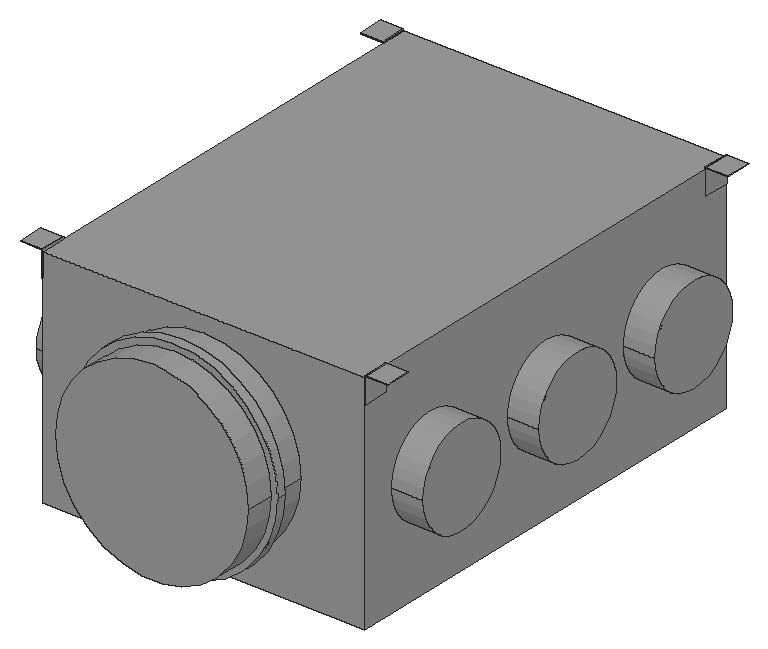
Revit family "SA_FASU(F8-150 300Φ)", category ダクト付属品, Revit 2022
Family settings
  丸型コネクタ寸法 = 直径を使用
  パーツ タイプ = ダンパー
  OmniClass 番号 = 23.75.00.00
  OmniClass タイトル = Climate Control (HVAC)
  作業面ベース = いいえ
  常に垂直 = はい
  ロード時にボイドで切り取り = いいえ
  共有 = いいえ
Parameters
  高さ = 350 mm
  風量 = 0.0 L/s
  符号 = "FASU"
  形式 = "F8-150 300φ"
  幅 [instance] = 500 mm
  奥行き = 700 mm
  大きさ = 250 mm
  呼称 = "FASUチャンバー"
  付属品_下端レベル [instance] = 0 mm
  マテリアル [instance] = 既定値
  ダクト_イン = 300 mm
  ダクト_アウト = 150 mm
  既定の高さ = 0 mm
Reference planes
  plane 1 "中心(正面/背面)": y = 0
  plane 2: z = 0
  plane 3 "中心(左/右)": x = 0
  plane 4: x = -250
  plane 5: x = 250
  plane 6: y = -700
  plane 7: z = 350
  plane 8: z = 175
  plane 9: z = 266.963
  plane 10: z = 86.159
  plane 11: x = -251
  plane 12: z = 313.122
  plane 13: z = 352.122
  plane 14: y = -350
Forms (mm)
  Extrusion 1, solid, material "既定値" <- "マテリアル"
    sketch origin (0, 0, 0) x (1, 0, 0) y (0, 1, 0)
      loop
        line (-250, 0) -> (-250, -700) -> (250, -700) -> (250, 0) -> (-250, 0)
    from 0 to 350
  Extrusion 2, solid, material "既定値" <- "マテリアル"
    sketch origin (0, -30, 0) x (1, 0, 0) y (0, 1, 0)
      loop
        line (-250, 30) -> (-251, 30) -> (-251, -10) -> (-250, -10) -> (-250, 30)
    from 313.122 to 350
  Extrusion 3, solid, material "既定値" <- "マテリアル"
    sketch origin (0, -30, 0) x (1, 0, 0) y (0, 1, 0)
      loop
        line (-285, 30) -> (-285, -10) -> (-251, -10) -> (-251, 30) -> (-285, 30)
    from 352.122 to 350
  Extrusion 4, solid, material "既定値" <- "マテリアル"
    sketch origin (0, -30, 0) x (-1, 0, 0) y (0, -1, 0)
      loop
        line (-250, -30) -> (-250, 10) -> (-251, 10) -> (-251, -30) -> (-250, -30)
    from 313.122 to 353.122
  Extrusion 5, solid, material "既定値" <- "マテリアル"
    sketch origin (0, -30, 0) x (-1, 0, 0) y (0, -1, 0)
      loop
        line (-285, -30) -> (-251, -30) -> (-251, 10) -> (-285, 10) -> (-285, -30)
    from 352.122 to 353.122
  Extrusion 6, solid, material "既定値" <- "マテリアル"
    sketch origin (0, -490, 0) x (1, 0, 0) y (0, 1, 0)
      loop
        line (-285, -170) -> (-285, -210) -> (-251, -210) -> (-251, -170) -> (-285, -170)
    from 352.122 to 353.122
  Extrusion 7, solid, material "既定値" <- "マテリアル"
    sketch origin (0, -490, 0) x (1, 0, 0) y (0, 1, 0)
      loop
        line (-250, -170) -> (-251, -170) -> (-251, -210) -> (-250, -210) -> (-250, -170)
    from 313.122 to 353.122
  Extrusion 8, solid, material "既定値" <- "マテリアル"
    sketch origin (0, -490, 0) x (-1, 0, 0) y (0, -1, 0)
      loop
        line (-285, 170) -> (-251, 170) -> (-251, 210) -> (-285, 210) -> (-285, 170)
    from 352.122 to 353.122
  Extrusion 9, solid, material "既定値" <- "マテリアル"
    sketch origin (0, -490, 0) x (-1, 0, 0) y (0, -1, 0)
      loop
        line (-250, 170) -> (-250, 210) -> (-251, 210) -> (-251, 170) -> (-250, 170)
    from 313.122 to 353.122
  Extrusion 10, solid, material "既定値" <- "マテリアル"
    sketch origin (550, -582.5, 0) x (0, -1, 0) y (0, 0, -1)
      loop
        circle (-232.5, -175) r 74.985
    from -300 to -250
  Extrusion 11, solid, material "既定値" <- "マテリアル"
    sketch origin (-550, -582.5, 0) x (0, -1, 0) y (0, 0, 1)
      loop
        circle (-232.5, 175) r 74.985
    from -300 to -250
  Extrusion 12, solid, material "既定値" <- "マテリアル"
    sketch origin (0, -700, 0) x (1, 0, 0) y (0, 0, 1)
      loop
        circle (0, 175) r 150
    from 0 to 42.5
  Extrusion 13, solid, material "既定値" <- "マテリアル"
    sketch origin (0, -743, 0) x (1, 0, 0) y (0, 0, 1)
      loop
        circle (0, 175) r 160
    from -0.5 to 14.5
  Extrusion 14, solid, material "既定値" <- "マテリアル"
    sketch origin (0, -757.5, 0) x (1, 0, 0) y (0, 0, 1)
      loop
        circle (0, 175) r 150
    from 0 to 42.5
  Extrusion 15, solid, material "既定値" <- "マテリアル"
    sketch origin (550, -357.5, 0) x (0, -1, 0) y (0, 0, -1)
      loop
        circle (-232.5, -175) r 74.985
    from -300 to -250
  Extrusion 16, solid, material "既定値" <- "マテリアル"
    sketch origin (-550, -357.5, 0) x (0, -1, 0) y (0, 0, 1)
      loop
        circle (-232.5, 175) r 74.985
    from -300 to -250
  Extrusion 17, solid, material "既定値" <- "マテリアル"
    sketch origin (550, -142.5, 0) x (0, 1, 0) y (0, 0, 1)
      loop
        circle (-432.5, 175) r 74.985
    from -300 to -250
  Extrusion 18, solid, material "既定値" <- "マテリアル"
    sketch origin (0, -142.5, 0) x (0, 1, 0) y (0, 0, 1)
      loop
        circle (-432.5, 175) r 74.985
    from -300 to -250
  Extrusion 19, solid, material "既定値" <- "マテリアル"
    sketch origin (345.5, 300, 0) x (1, 0, 0) y (0, 0, -1)
      loop
        circle (-232.5, -175) r 74.985
    from -300 to -250
  Extrusion 20, solid, material "既定値" <- "マテリアル"
    sketch origin (-345.5, 300, 0) x (-1, 0, 0) y (0, 0, 1)
      loop
        circle (-232.5, 175) r 74.985
    from -300 to -250
Lines and regions (mm)
  model lines
    curve 1: line (-250, -30, 0) -> (250, -30, 0)
    curve 2: line (-250, -670, 0) -> (250, -670, 0)
Text (mm)
  text "FASU(F8-150 300Φ)" at (3.713, -630.412, 0), in view "参照レベル"
Dimensions and locks
  equal spacing: plane 4, plane 3 "中心(左/右)", plane 5
  "幅": plane 4 to plane 5
  "奥行き": plane 6 to plane 1 "中心(正面/背面)"
  "高さ": plane 7 to level
  equal spacing: plane 7, plane 8, level
  equal spacing: plane 6, plane 14, plane 1 "中心(正面/背面)"
  aligned and locked: level to plane 2
  aligned and locked: Extrusion 1 sketch curve to plane 5
  aligned and locked: plane 7 to Extrusion 1
  aligned and locked: Extrusion 2 sketch curve to Extrusion 1
  aligned and locked: plane 7 to Extrusion 2
  aligned and locked: Extrusion 3 sketch curve to Extrusion 2
  aligned and locked: Extrusion 2 to Extrusion 3 sketch curve
  aligned and locked: plane 7 to Extrusion 3
  aligned and locked: Extrusion 3 to plane 13
  aligned and locked: Extrusion 4 to Extrusion 5 sketch curve
  aligned and locked: Extrusion 5 sketch curve to Extrusion 4
  aligned and locked: Extrusion 1 to Extrusion 8
  aligned and locked: Extrusion 6 to Extrusion 1
  aligned and locked: Extrusion 7 to Extrusion 1
  aligned and locked: Extrusion 1 to Extrusion 9
  aligned and locked: Extrusion 9 to Extrusion 8
  aligned and locked: Extrusion 7 to Extrusion 6
  aligned and locked: plane 4 to Extrusion 7
  aligned and locked: Extrusion 9 to plane 5
  aligned and locked: plane 4 to curve 1
  aligned and locked: plane 5 to curve 1
  aligned and locked: plane 5 to curve 2
  aligned and locked: Extrusion 1 to Extrusion 3
  aligned and locked: Extrusion 5 to Extrusion 1
  aligned and locked: Extrusion 4 to plane 5
  aligned and locked: Extrusion 1 to plane 6
  aligned and locked: Extrusion 1 to plane 1 "中心(正面/背面)"
  aligned and locked: plane 6 to Extrusion 12
  aligned and locked: Extrusion 15 to plane 5
  aligned and locked: plane 4 to Extrusion 16
  aligned and locked: Extrusion 17 to plane 5
  aligned and locked: plane 4 to Extrusion 18
  aligned and locked: plane 1 "中心(正面/背面)" to Extrusion 19
  aligned and locked: plane 1 "中心(正面/背面)" to Extrusion 20
Automatic sketch dimensions
  curve 2 to plane 4 = 0 mm
  plane 6 to curve 2 = 30 mm
  plane 1 "中心(正面/背面)" to curve 1 = 30 mm
  Extrusion 1 sketch curve to plane 4 = 0 mm
  Extrusion 1 sketch curve to plane 6 = 0 mm
  plane 1 "中心(正面/背面)" to Extrusion 1 sketch curve = 0 mm
  plane 1 "中心(正面/背面)" to Extrusion 2 sketch curve = 0 mm
  Extrusion 2 sketch curve to plane 11 = 0 mm
  Extrusion 2 sketch curve to Extrusion 2 sketch curve = 40 mm
  plane 1 "中心(正面/背面)" to Extrusion 3 sketch curve = 0 mm
  Extrusion 3 sketch curve to Extrusion 3 sketch curve = 34 mm
  plane 1 "中心(正面/背面)" to Extrusion 4 sketch curve = 0 mm
  Extrusion 4 sketch curve to plane 5 = 0 mm
  Extrusion 4 sketch curve to Extrusion 4 sketch curve = 1 mm
  Extrusion 4 sketch curve to Extrusion 4 sketch curve = 40 mm
  plane 1 "中心(正面/背面)" to Extrusion 5 sketch curve = 0 mm
  Extrusion 5 sketch curve to Extrusion 5 sketch curve = 34 mm
  Extrusion 6 sketch curve to plane 6 = 0 mm
  Extrusion 6 sketch curve to plane 11 = 0 mm
  Extrusion 6 sketch curve to plane 11 = 34 mm
  plane 6 to Extrusion 6 sketch curve = 40 mm
  Extrusion 7 sketch curve to plane 11 = 0 mm
  Extrusion 7 sketch curve to plane 4 = 0 mm
  Extrusion 7 sketch curve to plane 6 = 0 mm
  plane 6 to Extrusion 7 sketch curve = 40 mm
  Extrusion 8 sketch curve to plane 6 = 0 mm
  Extrusion 8 sketch curve to plane 5 = 35 mm
  Extrusion 8 sketch curve to plane 5 = 1 mm
  Extrusion 8 sketch curve to Extrusion 8 sketch curve = 40 mm
  Extrusion 9 sketch curve to plane 6 = 0 mm
  Extrusion 9 sketch curve to plane 5 = 0 mm
  Extrusion 9 sketch curve to Extrusion 9 sketch curve = 1 mm
  Extrusion 9 sketch curve to Extrusion 9 sketch curve = 40 mm
  Extrusion 10 sketch curve to plane 8 = 0 mm
  Extrusion 10 sketch curve to plane 14 = 0 mm
  Extrusion 11 sketch curve to plane 8 = 0 mm
  Extrusion 11 sketch curve to plane 14 = 0 mm
  Extrusion 12 sketch curve to plane 3 "中心(左/右)" = 0 mm
  Extrusion 12 sketch curve to plane 8 = 0 mm
  Extrusion 13 sketch curve to plane 3 "中心(左/右)" = 0 mm
  Extrusion 13 sketch curve to plane 8 = 0 mm
  Extrusion 14 sketch curve to plane 3 "中心(左/右)" = 0 mm
  Extrusion 14 sketch curve to plane 8 = 0 mm
  Extrusion 15 sketch curve to plane 8 = 0 mm
  plane 1 "中心(正面/背面)" to Extrusion 15 sketch curve = 125 mm
  Extrusion 16 sketch curve to plane 8 = 0 mm
  plane 1 "中心(正面/背面)" to Extrusion 16 sketch curve = 125 mm
  Extrusion 17 sketch curve to plane 8 = 0 mm
  plane 6 to Extrusion 17 sketch curve = 125 mm
  Extrusion 18 sketch curve to plane 8 = 0 mm
  plane 6 to Extrusion 18 sketch curve = 125 mm
  Extrusion 19 sketch curve to plane 8 = 0 mm
  plane 3 "中心(左/右)" to Extrusion 19 sketch curve = 113 mm
  Extrusion 20 sketch curve to plane 8 = 0 mm
  Extrusion 20 sketch curve to plane 3 "中心(左/右)" = 113 mm
  radius of Extrusion 10 sketch curve = 74.985 mm
  radius of Extrusion 11 sketch curve = 74.985 mm
  radius of Extrusion 12 sketch curve = 150 mm
  radius of Extrusion 13 sketch curve = 160 mm
  radius of Extrusion 14 sketch curve = 150 mm
  radius of Extrusion 15 sketch curve = 74.985 mm
  radius of Extrusion 16 sketch curve = 74.985 mm
  radius of Extrusion 17 sketch curve = 74.985 mm
  radius of Extrusion 18 sketch curve = 74.985 mm
  radius of Extrusion 19 sketch curve = 74.985 mm
  radius of Extrusion 20 sketch curve = 74.985 mm
Connectors
  hvac at (-300, -575, 175), driven by "ダクト_アウト"
    settings: on Extrusion 18, index 1, duct flow 0.0 L/s, flow factor 0, pres drop 0.0 Pa, loss coef 0, conn angle 0.00°, conn width 304.8 mm, conn height 304.8 mm, conn diameter 150 mm, duct sys type 29, conn prof type 0, flow config 0, flow direction 2, loss method 0, conn ref index -1, conn util no, is conn primary yes, conn desc ""
  hvac at (-300, -350, 175), driven by "ダクト_アウト"
    settings: on Extrusion 11, index 2, duct flow 0.0 L/s, flow factor 0, pres drop 0.0 Pa, loss coef 0, conn angle 0.00°, conn width 304.8 mm, conn height 304.8 mm, conn diameter 150 mm, duct sys type 29, conn prof type 0, flow config 0, flow direction 2, loss method 0, conn ref index -1, conn util no, is conn primary no, conn desc ""
  hvac at (-300, -125, 175), driven by "ダクト_アウト"
    settings: on Extrusion 16, index 3, duct flow 0.0 L/s, flow factor 0, pres drop 0.0 Pa, loss coef 0, conn angle 0.00°, conn width 304.8 mm, conn height 304.8 mm, conn diameter 150 mm, duct sys type 29, conn prof type 0, flow config 0, flow direction 2, loss method 0, conn ref index -1, conn util no, is conn primary no, conn desc ""
  hvac at (-113, 50, 175), driven by "ダクト_アウト"
    settings: on Extrusion 20, index 4, duct flow 0.0 L/s, flow factor 0, pres drop 0.0 Pa, loss coef 0, conn angle 0.00°, conn width 304.8 mm, conn height 304.8 mm, conn diameter 150 mm, duct sys type 29, conn prof type 0, flow config 0, flow direction 2, loss method 0, conn ref index -1, conn util no, is conn primary no, conn desc ""
  hvac at (113, 50, 175), driven by "ダクト_アウト"
    settings: on Extrusion 19, index 5, duct flow 0.0 L/s, flow factor 0, pres drop 0.0 Pa, loss coef 0, conn angle 0.00°, conn width 304.8 mm, conn height 304.8 mm, conn diameter 150 mm, duct sys type 29, conn prof type 0, flow config 0, flow direction 2, loss method 0, conn ref index -1, conn util no, is conn primary no, conn desc ""
  hvac at (300, -125, 175), driven by "ダクト_アウト"
    settings: on Extrusion 15, index 6, duct flow 0.0 L/s, flow factor 0, pres drop 0.0 Pa, loss coef 0, conn angle 0.00°, conn width 304.8 mm, conn height 304.8 mm, conn diameter 150 mm, duct sys type 29, conn prof type 0, flow config 0, flow direction 2, loss method 0, conn ref index -1, conn util no, is conn primary no, conn desc ""
  hvac at (300, -350, 175), driven by "ダクト_アウト"
    settings: on Extrusion 10, index 7, duct flow 0.0 L/s, flow factor 0, pres drop 0.0 Pa, loss coef 0, conn angle 0.00°, conn width 304.8 mm, conn height 304.8 mm, conn diameter 150 mm, duct sys type 29, conn prof type 0, flow config 0, flow direction 2, loss method 0, conn ref index -1, conn util no, is conn primary no, conn desc ""
  hvac at (300, -575, 175), driven by "ダクト_アウト"
    settings: on Extrusion 17, index 8, duct flow 0.0 L/s, flow factor 0, pres drop 0.0 Pa, loss coef 0, conn angle 0.00°, conn width 304.8 mm, conn height 304.8 mm, conn diameter 150 mm, duct sys type 29, conn prof type 0, flow config 0, flow direction 2, loss method 0, conn ref index -1, conn util no, is conn primary no, conn desc ""
  hvac at (0, -800, 175), driven by "ダクト_イン"
    settings: on Extrusion 14, index 9, duct flow 0.0 L/s, flow factor 0, pres drop 0.0 Pa, loss coef 0, conn angle 0.00°, conn width 304.8 mm, conn height 304.8 mm, conn diameter 300 mm, duct sys type 29, conn prof type 0, flow config 0, flow direction 1, loss method 0, conn ref index -1, conn util no, is conn primary no, conn desc ""
